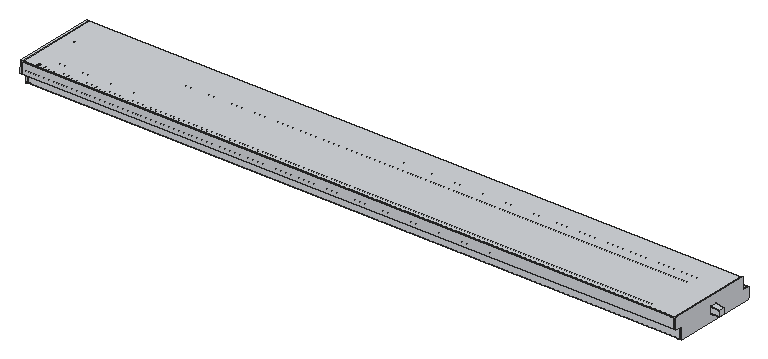
Revit family "135 HI SPAN LOUVRE BLADE-SPIRAL PIVOT", category Generic Models, Revit 2018
Family settings
  Can host rebar = No
  Round Connector Dimension = Use Diameter
  Part Type = Normal
  Work Plane-Based = No
  Always vertical = Yes
  Cut with Voids When Loaded = No
  Shared = No
  Room Calculation Point = No
Parameters
  PITCH [instance] = 0.00°
  M1 [instance] = LENGTH / 2 * cos(PITCH)  # 500 mm
  LOUVRE ANGLE [instance] = 0.00°
  LENGTH [instance] = 1000 mm
  END CAP [instance] = none
  135 HI SPAN LOUVRE BLADE [instance] = none
Reference planes
  plane 1 "Center (Front/Back)": y = 0
  plane 2: z = 0
  plane 3 "Center (Left/Right)": x = 0
  plane 4: x = 500
Lines and regions (mm)
  reference lines
    curve 1: line (0, 0, 0) -> (1000, 0, 0)
    curve 2: line (1000, 0, 26.476) -> (1000, 0, -13.524)
    curve 3: line (0, 0, -7.002) -> (0, 0, 6.998)
    curve 4: line (500, 0, 28.495) -> (500, 0, -31.505)
Dimensions and locks
  "LENGTH": curve 2 to curve 3
  "M1": plane 4 to plane 3 "Center (Left/Right)"
  "LENGTH": curve 1 to curve 1
  equal spacing: curve 2, curve 4, curve 3
  "PITCH": angle level to curve 1
  aligned and locked: level to plane 2
  aligned and locked: plane 3 "Center (Left/Right)" to curve 1
  aligned and locked: plane 2 to curve 1
Automatic sketch dimensions
  curve 1 to curve 3 = 0 mm
  curve 2 to curve 1 = 13.524 mm
  curve 3 to curve 1 = 7.002 mm
  curve 1 to curve 3 = 6.998 mm
  curve 1 to curve 2 = 26.476 mm
  curve 1 to curve 4 = 31.505 mm
  curve 4 to curve 1 = 28.495 mm
Nested families
  nested 1: "135 HI SPAN BLADE AND END CAP" at (500, 0, 0), END CAP <- "END CAP", LENGTH <- "LENGTH", BLADE <- "135 HI SPAN LOUVRE BLADE", LOUVRE BLADE ANGLE <- "LOUVRE ANGLE", type "135 HI SPAN BLADE AND END CAP"
    with LOUVRE BLADE ANGLE 0.00°, LENGTH 1000 mm, END CAP none, BLADE none
Definition of nested family "135 HI SPAN BLADE AND END CAP"
  Parameters (values of type "135 HI SPAN BLADE AND END CAP")
    LOUVRE BLADE ANGLE [instance] = 0.00°
    LENGTH [instance] = 1000 mm
    END CAP [instance] = none
    Default Elevation = 1219.2 mm
    BLADE [instance] = none
  Reference planes
    plane 1 "Center (Front/Back)": y = 0
    plane 2: z = 0
    plane 3 "Center (Left/Right)": x = 0
    plane 4: x = 497
    plane 5: x = 500
    plane 6: x = -497
    plane 7: x = -500
  Forms (mm)
    Extrusion 1, solid, material <- "BLADE"
      sketch origin (0, 0, 0) x (0, 1, 0) y (0, 0, 1)
        loop
          arc (-66.096, 1) -> (-65.698, 1.398) -> (-66.096, 1.797) r 0.398
          line (-66.096, 1.797) -> (-66.948, 1.797) -> (-66.948, 3.097) -> (-61.448, 3.097) -> (-61.448, 1.797) -> (-62.3, 1.797)
          arc (-62.3, 1.797) -> (-62.698, 1.398) -> (-62.3, 1) r 0.398
          line (-62.3, 1) -> (-58.748, 1) -> (-58.748, -16.227) -> (-57.475, -17.5) -> (67.459, -17.5) -> (68.752, -16.215) -> (68.752, -1) -> (58.752, -1) -> (58.752, 16.227) -> (57.479, 17.5) -> (-67.463, 17.5) -> (-68.748, 16.215) -> (-68.748, 1) -> (-66.096, 1)
        loop
          line (66.952, -15.2) -> (66.952, -2.8) -> (56.952, -2.8) -> (56.952, 15.7) -> (34.902, 15.7) -> (34.902, 1.5)
          arc (34.902, 1.5) -> (35.048, 1.146) -> (35.402, 1) r 0.5
          line (35.402, 1) -> (37.181, 1)
          arc (37.181, 1) -> (39.838, 3.775) -> (43.596, 2.979) r 3.95
          arc (43.596, 2.979) -> (43.684, 1.709) -> (42.414, 1.621) r 0.9
          arc (42.414, 1.621) -> (38.852, 0) -> (42.414, -1.621) r 2.15
          arc (42.414, -1.621) -> (43.684, -1.709) -> (43.596, -2.979) r 0.9
          arc (43.596, -2.979) -> (39.838, -3.775) -> (37.181, -1) r 3.95
          line (37.181, -1) -> (35.402, -1)
          arc (35.402, -1) -> (35.048, -1.146) -> (34.902, -1.5) r 0.5
          line (34.902, -1.5) -> (34.902, -15.7) -> (66.452, -15.7)
          arc (66.452, -15.7) -> (66.805, -15.554) -> (66.952, -15.2) r 0.5
        loop
          line (33.102, 1.5) -> (33.102, 15.7) -> (-33.098, 15.7) -> (-33.098, 1.5)
          arc (-33.098, 1.5) -> (-32.952, 1.146) -> (-32.598, 1) r 0.5
          line (-32.598, 1) -> (-30.82, 1)
          arc (-30.82, 1) -> (-28.163, 3.775) -> (-24.404, 2.979) r 3.95
          arc (-24.404, 2.979) -> (-24.317, 1.709) -> (-25.586, 1.621) r 0.9
          arc (-25.586, 1.621) -> (-29.148, 0) -> (-25.586, -1.621) r 2.15
          arc (-25.586, -1.621) -> (-24.317, -1.709) -> (-24.404, -2.979) r 0.9
          arc (-24.404, -2.979) -> (-28.163, -3.775) -> (-30.82, -1) r 3.95
          line (-30.82, -1) -> (-32.598, -1)
          arc (-32.598, -1) -> (-32.952, -1.146) -> (-33.098, -1.5) r 0.5
          line (-33.098, -1.5) -> (-33.098, -15.7) -> (33.102, -15.7) -> (33.102, -1.5)
          arc (33.102, -1.5) -> (32.956, -1.146) -> (32.602, -1) r 0.5
          line (32.602, -1) -> (30.823, -1)
          arc (30.823, -1) -> (28.166, -3.775) -> (24.408, -2.979) r 3.95
          arc (24.408, -2.979) -> (24.32, -1.709) -> (25.59, -1.621) r 0.9
          arc (25.59, -1.621) -> (29.152, 0) -> (25.59, 1.621) r 2.15
          arc (25.59, 1.621) -> (24.32, 1.709) -> (24.408, 2.979) r 0.9
          arc (24.408, 2.979) -> (28.166, 3.775) -> (30.823, 1) r 3.95
          line (30.823, 1) -> (32.602, 1)
          arc (32.602, 1) -> (32.956, 1.146) -> (33.102, 1.5) r 0.5
        loop
          line (-37.177, 1) -> (-35.398, 1)
          arc (-35.398, 1) -> (-35.045, 1.146) -> (-34.898, 1.5) r 0.5
          line (-34.898, 1.5) -> (-34.898, 15.7) -> (-66.448, 15.7)
          arc (-66.448, 15.7) -> (-66.802, 15.554) -> (-66.948, 15.2) r 0.5
          line (-66.948, 15.2) -> (-66.948, 4.896) -> (-59.198, 4.896) -> (-59.198, 2.8) -> (-56.948, 2.8) -> (-56.948, -15.7) -> (-34.898, -15.7) -> (-34.898, -1.5)
          arc (-34.898, -1.5) -> (-35.045, -1.146) -> (-35.398, -1) r 0.5
          line (-35.398, -1) -> (-37.177, -1)
          arc (-37.177, -1) -> (-39.834, -3.775) -> (-43.593, -2.979) r 3.95
          arc (-43.593, -2.979) -> (-43.68, -1.709) -> (-42.41, -1.621) r 0.9
          arc (-42.41, -1.621) -> (-38.848, 0) -> (-42.41, 1.621) r 2.15
          arc (-42.41, 1.621) -> (-43.68, 1.709) -> (-43.593, 2.979) r 0.9
          arc (-43.593, 2.979) -> (-39.834, 3.775) -> (-37.177, 1) r 3.95
      from -497 to 497
  Lines and regions (mm)
    reference lines
      curve 1: line (0, 0, 0) -> (0, 100, 0)
  Dimensions and locks
    locked: plane 4 to plane 5 at 3
    locked: plane 6 to plane 7 at 3
    equal spacing: plane 6, plane 3 "Center (Left/Right)", plane 4
    "LENGTH": plane 7 to plane 5
    "LOUVRE BLADE ANGLE": angle plane 2 to curve 1
    aligned and locked: level to plane 2
    aligned and locked: plane 1 "Center (Front/Back)" to curve 1
    aligned and locked: plane 2 to curve 1
    aligned and locked: Extrusion 1 to plane 6
    aligned and locked: Extrusion 1 to plane 4
  Automatic sketch dimensions
    Extrusion 1 sketch curve to Extrusion 1 sketch curve = 0 mm  (x37)
    Extrusion 1 sketch curve to curve 1 = 0 mm  (x2)
    curve 1 to Extrusion 1 sketch curve = 0 mm  (x2)
    Extrusion 1 sketch curve to curve 1 = 1 mm  (x5)
    Extrusion 1 sketch curve to curve 1 = 68.748 mm
    Extrusion 1 sketch curve to Extrusion 1 sketch curve = 1.285 mm  (x2)
    Extrusion 1 sketch curve to Extrusion 1 sketch curve = 1.8 mm  (x9)
    Extrusion 1 sketch curve to Extrusion 1 sketch curve = 0.5 mm  (x9)
    Extrusion 1 sketch curve to Extrusion 1 sketch curve = 0.852 mm  (x2)
    Extrusion 1 sketch curve to curve 1 = 1.797 mm
    Extrusion 1 sketch curve to Extrusion 1 sketch curve = 3.797 mm
    Extrusion 1 sketch curve to Extrusion 1 sketch curve = 2.25 mm  (x2)
    Extrusion 1 sketch curve to Extrusion 1 sketch curve = 3.552 mm
    Extrusion 1 sketch curve to Extrusion 1 sketch curve = 1.273 mm  (x3)
    Extrusion 1 sketch curve to curve 1 = 2.3 mm  (x4)
    Extrusion 1 sketch curve to Extrusion 1 sketch curve = 13.947 mm  (x2)
    Extrusion 1 sketch curve to Extrusion 1 sketch curve = 2.003 mm  (x6)
    curve 1 to Extrusion 1 sketch curve = 1 mm  (x2)
    Extrusion 1 sketch curve to Extrusion 1 sketch curve = 3.821 mm  (x4)
    Extrusion 1 sketch curve to Extrusion 1 sketch curve = 1.779 mm  (x8)
    curve 1 to Extrusion 1 sketch curve = 24.999 mm
    Extrusion 1 sketch curve to curve 1 = 1.5 mm
    Extrusion 1 sketch curve to curve 1 = 17.5 mm
    Extrusion 1 sketch curve to Extrusion 1 sketch curve = 0.527 mm  (x2)
    Extrusion 1 sketch curve to Extrusion 1 sketch curve = 9.5 mm
    Extrusion 1 sketch curve to Extrusion 1 sketch curve = 1.007 mm
    Extrusion 1 sketch curve to Extrusion 1 sketch curve = 1.293 mm
    curve 1 to Extrusion 1 sketch curve = 2.3 mm  (x4)
    Extrusion 1 sketch curve to Extrusion 1 sketch curve = 12.4 mm
    curve 1 to Extrusion 1 sketch curve = 15.7 mm
    Extrusion 1 sketch curve to Extrusion 1 sketch curve = 1.015 mm
    curve 1 to Extrusion 1 sketch curve = 1.5 mm  (x3)
    Extrusion 1 sketch curve to Extrusion 1 sketch curve = 0.797 mm
    Extrusion 1 sketch curve to Extrusion 1 sketch curve = 0.398 mm
    Extrusion 1 sketch curve to Extrusion 1 sketch curve = 1.3 mm
    Extrusion 1 sketch curve to Extrusion 1 sketch curve = 2.096 mm
    Extrusion 1 sketch curve to Extrusion 1 sketch curve = 2.3 mm
    Extrusion 1 sketch curve to Extrusion 1 sketch curve = 14.2 mm
    Extrusion 1 sketch curve to Extrusion 1 sketch curve = 0.591 mm  (x5)
  Nested families
    nested 1: "END CAP" at (-497, 0, 0) x (0, 1, 0) z (-1, 0, 0), type "END CAP"
    nested 2: "END CAP" at (497, 0, 0) x (0, -1, 0) z (1, 0, 0), type "END CAP"
  Definition of nested family "END CAP"
    Parameters (values of type "END CAP")
      END CAP = none
      Default Elevation = 1219.2 mm
      10G SCREW = none
    Reference planes
      plane 1 "Center (Front/Back)": y = 0
      plane 2: z = 0
      plane 3 "Center (Left/Right)": x = 0
    Forms (mm)
      Extrusion 1, solid
        sketch origin (0, 0, 0) x (1, 0, 0) y (0, 1, 0)
          loop
            line (-1219.2, 1219.2) -> (-1219.2, -1219.2) -> (1219.2, -1219.2) -> (1219.2, 1219.2) -> (-1219.2, 1219.2)
        from 0 to -304.8
      Extrusion 2, solid, material <- "END CAP"
        sketch origin (447.122, -155.363, 0) x (1, 0, 0) y (0, 1, 0)
          loop
            line (-378.372, 154.363) -> (-388.372, 154.363) -> (-388.372, 171.591) -> (-389.644, 172.863) -> (-514.579, 172.863) -> (-515.872, 171.578) -> (-515.872, 156.363) -> (-505.872, 156.363) -> (-505.872, 139.136) -> (-504.599, 137.863) -> (-379.657, 137.863) -> (-378.372, 139.149) -> (-378.372, 154.363)
        from 0 to 3
      Blend 3, solid, material <- "END CAP"
        base sketch origin (452.012, -203.042, 3) x (1, 0, 0) y (0, 1, 0)
          loop
            line (-447.515, 208.042) -> (-456.509, 208.042)
            arc (-456.509, 208.042) -> (-456.865, 207.895) -> (-457.012, 207.539) r 0.503
            line (-457.012, 207.539) -> (-457.012, 198.545)
            arc (-457.012, 198.545) -> (-456.865, 198.189) -> (-456.509, 198.042) r 0.503
            line (-456.509, 198.042) -> (-447.515, 198.042)
            arc (-447.515, 198.042) -> (-447.159, 198.189) -> (-447.012, 198.545) r 0.503
            line (-447.012, 198.545) -> (-447.012, 207.539)
            arc (-447.012, 207.539) -> (-447.159, 207.895) -> (-447.515, 208.042) r 0.503
        top sketch origin (452.012, -203.042, 3) x (1, 0, 0) y (0, 1, 0)
          loop
            line (-456.012, 207.042) -> (-456.012, 199.042) -> (-448.012, 199.042) -> (-448.012, 207.042) -> (-456.012, 207.042)
        from 0 to 15
    Dimensions and locks
      aligned and locked: plane 2 to Extrusion 1
      aligned and locked: level to Extrusion 1
